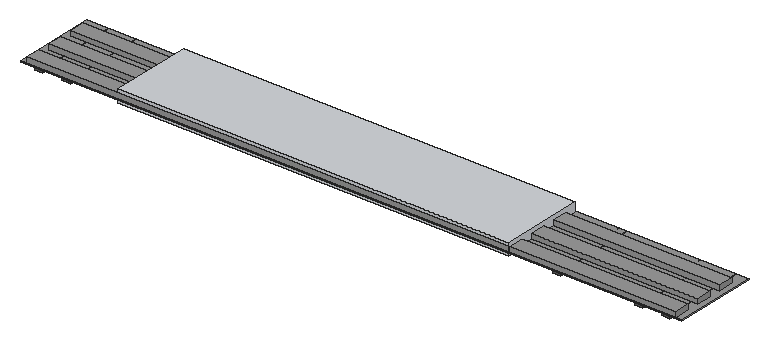
Revit family "2113-3, Solid", category Generic Models, host Face, Revit 2020
Family settings
  Host = Face
  Can host rebar = No
  Round Connector Dimension = Use Diameter
  Part Type = Normal
  Cut with Voids When Loaded = No
  Shared = No
  Room Calculation Point = No
Parameters
  min_value [instance] = 1' - 11 1/4"  # constant formula
  max_value [instance] = 11' - 11 1/4"  # constant formula
  actual_value [instance] = if(NET LENGTH < min_value, min_value, if(NET LENGTH > max_value, max_value, NET LENGTH))  # 7' - 11 1/4"
  SCRIM MATERIAL [instance] = SCRIM
  SCRIM [instance] = yes
  NET LENGTH [instance] = 7' - 11 1/4"
  Default Elevation = 4' - 0"
  BACKER MATERIAL [instance] = BLACK-BACKERS
  .. MEMBER WIDTH [instance] = 0' - 2 1/4"  # constant formula
  .. MEMBER MATERIAL [instance] = Solid Western Hemlock
  .. MEMBER LENGTH [instance] = actual_value  # 7' - 11 1/4"
  .. MEMBER DEPTH [instance] = 0' - 0 3/4"  # constant formula
  .. MEMBER COUNT [instance] = 3  # constant formula
  IMPORTANT NOTE!!!                                                                             *Backer layout is for visualization purposes only, final layout to be determined by 9Wood. [instance] = ""
Reference planes (in)
  plane 1 "Center (Front/Back)": y = 0
  plane 2: z = 1.82209
  plane 3 "Center (Left/Right)": x = 0
Forms (in)
  Extrusion 1, solid
    sketch origin (132, -33.80483, 0) x (1, 0, 0) y (0, 1, 0)
      loop
        line (-118.625, 33.80483) -> (-61.26146, 33.80483) -> (-61.26146, 45.86733) -> (-118.625, 45.86733) -> (-118.625, 33.80483)
    from 1.82209 to 0
Dimensions and locks (in)
  aligned and locked: Extrusion 1 to plane 2
  aligned and locked: plane 3 "Center (Left/Right)" to nested 1
Nested families (in)
  nested 1: "1100 SERIES CONFIG" at (0, 2, 0), .. MEMBER DEPTH <- ".. MEMBER DEPTH", .. MEMBER LENGTH <- ".. MEMBER LENGTH", .. MEMBER WIDTH <- ".. MEMBER WIDTH", .. MEMBER MATERIAL <- ".. MEMBER MATERIAL", BACKING M MATERIAL <- "BACKER MATERIAL", SCRIM  MATERIAL <- "SCRIM MATERIAL", .. MEMBER COUNT <- ".. MEMBER COUNT", SCRIM <- "SCRIM", type "1100 SERIES CONFIG"
    with X 7' - 8", SCRIM OVERHANG 2 0' - 0 3/32", SCRIM OVERHANG 0' - 0 7/8", SCRIM LENGTH 8' - 1", SCRIM  MATERIAL SCRIM, SCRIM yes, NOMINAL LENGTH 7, N 8, Inset 6' - 0 3/8", INSET 0' - 1", INDEX 0' - 5 5/8", HALF MEMBER WIDTH 0' - 1 1/8", HALF LENGTH 3' - 11 5/8", END BACKER yes, BACKING M WIDTH 0' - 1 1/4", BACKING M OC SPACING 1' - 0", BACKING M MATERIAL BLACK-BACKERS, BACKING M LENGTH 0' - 11 7/8", BACKING M DEPTH 0' - 0 1/2", BACKING M COUNT 8, 3/16" INSET 0' - 0 3/16", .. MEMBER WIDTH 0' - 2 1/4", .. MEMBER OC SPACING 0' - 4", .. MEMBER MATERIAL Solid Western Hemlock, .. MEMBER LENGTH 7' - 11 1/4", .. MEMBER DEPTH 0' - 0 3/4", .. MEMBER COUNT 3
Definition of nested family "1100 SERIES CONFIG"
  Parameters (values of type "1100 SERIES CONFIG")
    X [instance] = .. MEMBER LENGTH - 0' 3 1/4"  # 5' - 5"
    SCRIM OVERHANG 2 [instance] = 0' - 0 3/32"  # constant formula
    SCRIM OVERHANG [instance] = 0' - 0 7/8"  # constant formula
    SCRIM LENGTH [instance] = .. MEMBER LENGTH + (SCRIM OVERHANG * 2)  # 5' - 10"
    SCRIM  MATERIAL [instance] = none
    SCRIM [instance] = yes
    NOMINAL LENGTH [instance] = 7
    N [instance] = if((X - (rounddown(X / 1' 0") * 1' 0")) > 1' 0", rounddown(X / 1' 0") + 2, rounddown(X / 1' 0") + 1)  # 6
    Inset [instance] = 6' - 0 3/8"  # constant formula
    INSET [instance] = 0' - 1"  # constant formula
    END BACKER [instance] = INDEX > 0' 3 5/8"  # yes
    INDEX [instance] = (.. MEMBER LENGTH - ((N - 1) * 1' 0")) / 2  # 0' - 4 1/8"
    HALF MEMBER WIDTH [instance] = .. MEMBER WIDTH / 2  # 0' - 0 5/16"
    HALF LENGTH [instance] = .. MEMBER LENGTH / 2  # 2' - 10 1/8"
    Default Elevation = 0' - 0"
    BACKING M WIDTH [instance] = 0' - 1 1/4"
    BACKING M SPACING = 3' - 3"
    BACKING M MATERIAL [instance] = none
    BACKING M LENGTH [instance] = 0' - 11 7/8"
    BACKING M DEPTH [instance] = 0' - 0 1/2"
    BACKING M COUNT [instance] = N  # 6
    BACKING M OC SPACING [instance] = 1' - 0"  # constant formula
    3/16" INSET [instance] = 0' - 0 3/16"  # constant formula
    .. MEMBER WIDTH [instance] = 0' - 0 5/8"
    .. MEMBER OC SPACING [instance] = 1' 0" / .. MEMBER COUNT  # 0' - 4"
    .. MEMBER MATERIAL [instance] = none
    .. MEMBER LENGTH [instance] = 5' - 8 1/4"
    .. MEMBER DEPTH [instance] = 0' - 1 3/8"
    .. MEMBER COUNT [instance] = 3
  Reference planes (in)
    plane 1 "Center (Front/Back)": y = -2
    plane 2: z = 0
    plane 3 "Center (Left/Right)": x = 0
    plane 4: x = 1
    plane 5: x = 4.125
    plane 6: x = 34.125
    plane 7: x = 68.25
    plane 8: x = 67.25
    plane 9: x = 16.125
    plane 10: y = -1.8125
    plane 11: y = -1.6875
    plane 12: y = 2.3125
    plane 13: x = 69.125
    plane 14: x = -0.875
    plane 15: z = 0.5
    plane 16: z = 0.5625
    plane 17: y = 10.0625
    plane 18: y = 10.15625
    plane 19: y = -2.09375
  Dimensions and locks (in)
    "INSET": plane 3 "Center (Left/Right)" to plane 4
    "INDEX": plane 3 "Center (Left/Right)" to plane 5
    "HALF LENGTH": plane 3 "Center (Left/Right)" to plane 6
    ".. MEMBER LENGTH": plane 3 "Center (Left/Right)" to plane 7
    "INSET": plane 8 to plane 7
    equal spacing: group 2, group 3, group 6, group 7, group 8, group 9  (x3)
    "3/16" INSET": plane 1 "Center (Front/Back)" to plane 10
    ".. MEMBER OC SPACING": plane 12 to plane 11
    "SCRIM OVERHANG": plane 14 to plane 3 "Center (Left/Right)"
    "SCRIM OVERHANG": plane 7 to plane 13
    equal spacing: group 1, group 4, group 5  (x2)
    equal spacing: group 5, group 4, group 1
    "HALF MEMBER WIDTH": plane 1 "Center (Front/Back)" to plane 11
    "BACKING M OC SPACING": plane 5 to plane 9
    "SCRIM OVERHANG 2": plane 18 to plane 17
    "SCRIM OVERHANG 2": plane 19 to plane 1 "Center (Front/Back)"
    aligned and locked: level to plane 2
    aligned and locked: plane 6 to nested 1
    aligned and locked: nested 2 to plane 4
    aligned and locked: plane 5 to nested 3
    aligned and locked: plane 1 "Center (Front/Back)" to nested 1
    aligned and locked: nested 2 to plane 10
    aligned and locked: nested 3 to plane 10
    aligned and locked: nested 5 to plane 10
    aligned and locked: nested 4 to plane 10
    aligned and locked: nested 6 to plane 14
    aligned and locked: plane 12 to nested 7
    aligned and locked: nested 7 to plane 3 "Center (Left/Right)"
    aligned and locked: plane 9 to nested 5
    aligned and locked: plane 8 to nested 4
    aligned and locked: plane 15 to nested 2
    aligned and locked: nested 6 to plane 15
    aligned and locked: nested 1 to plane 16
    aligned and locked: nested 7 to plane 16
    aligned and locked: nested 6 to plane 19
  Nested families (in)
    nested 1: "INSTANCE - Parametric Cube" at (34.125, -1.6875, 1.9375), Length <- ".. MEMBER WIDTH", Height <- ".. MEMBER DEPTH", Width <- ".. MEMBER LENGTH", Material <- ".. MEMBER MATERIAL", type "INSTANCE - Parametric Cube"
      with Width 5' - 8 1/4", Material none, Length 0' - 0 5/8", Height 0' - 1 3/8"
    nested 2: "2ND INSTANCE - Parametric Cube" at (1.625, 4.125, 0), Height <- "BACKING M DEPTH", Length <- "BACKING M LENGTH", Width <- "BACKING M WIDTH", Material <- "BACKING M MATERIAL", visible <- "END BACKER", type "2ND INSTANCE - Parametric Cube"
      with Width 0' - 1 1/4", Material none, Length 0' - 11 7/8", Height 0' - 0 1/2"
    nested 3: "2ND INSTANCE - Parametric Cube" at (4.125, 4.125, 0), Length <- "BACKING M LENGTH", Height <- "BACKING M DEPTH", Width <- "BACKING M WIDTH", Material <- "BACKING M MATERIAL", type "2ND INSTANCE - Parametric Cube"
      with Width 0' - 1 1/4", Material none, Length 0' - 11 7/8", Height 0' - 0 1/2"
    nested 4: "2ND INSTANCE - Parametric Cube" at (66.625, 4.125, 0), Width <- "BACKING M WIDTH", Length <- "BACKING M LENGTH", Height <- "BACKING M DEPTH", Material <- "BACKING M MATERIAL", visible <- "END BACKER", type "2ND INSTANCE - Parametric Cube"
      with Width 0' - 1 1/4", Material none, Length 0' - 11 7/8", Height 0' - 0 1/2"
    nested 5: "2ND INSTANCE - Parametric Cube" at (16.125, 4.125, 0), Length <- "BACKING M LENGTH", Height <- "BACKING M DEPTH", Width <- "BACKING M WIDTH", Material <- "BACKING M MATERIAL", type "2ND INSTANCE - Parametric Cube"
      with Width 0' - 1 1/4", Material none, Length 0' - 11 7/8", Height 0' - 0 1/2"
    nested 6: "3RD INSTANCE - Parametric Cube" at (34.125, 4.0445, 0.5), Width <- "SCRIM LENGTH", Material <- "SCRIM  MATERIAL", visible <- "SCRIM", type "3RD INSTANCE - Parametric Cube"
      with Width 5' - 10", Material none, Length 1' - 0.27649", Height 0' - 0 1/16"
    nested 7: "INSTANCE - Parametric Cube" at (34.125, 2.3125, 1.9375), Length <- ".. MEMBER WIDTH", Height <- ".. MEMBER DEPTH", Width <- ".. MEMBER LENGTH", Material <- ".. MEMBER MATERIAL", type "INSTANCE - Parametric Cube"
      with Width 5' - 8 1/4", Material none, Length 0' - 0 5/8", Height 0' - 1 3/8"
    nested 8: "INSTANCE - Parametric Cube" at (34.125, 6.3125, 1.9375), Length <- ".. MEMBER WIDTH", Height <- ".. MEMBER DEPTH", Width <- ".. MEMBER LENGTH", Material <- ".. MEMBER MATERIAL", type "INSTANCE - Parametric Cube"
      with Width 5' - 8 1/4", Material none, Length 0' - 0 5/8", Height 0' - 1 3/8"
    nested 9: "2ND INSTANCE - Parametric Cube" at (28.125, 4.125, 0), Length <- "BACKING M LENGTH", Height <- "BACKING M DEPTH", Width <- "BACKING M WIDTH", Material <- "BACKING M MATERIAL", type "2ND INSTANCE - Parametric Cube"
      with Width 0' - 1 1/4", Material none, Length 0' - 11 7/8", Height 0' - 0 1/2"
    nested 10: "2ND INSTANCE - Parametric Cube" at (40.125, 4.125, 0), Length <- "BACKING M LENGTH", Height <- "BACKING M DEPTH", Width <- "BACKING M WIDTH", Material <- "BACKING M MATERIAL", type "2ND INSTANCE - Parametric Cube"
      with Width 0' - 1 1/4", Material none, Length 0' - 11 7/8", Height 0' - 0 1/2"
    nested 11: "2ND INSTANCE - Parametric Cube" at (52.125, 4.125, 0), Length <- "BACKING M LENGTH", Height <- "BACKING M DEPTH", Width <- "BACKING M WIDTH", Material <- "BACKING M MATERIAL", type "2ND INSTANCE - Parametric Cube"
      with Width 0' - 1 1/4", Material none, Length 0' - 11 7/8", Height 0' - 0 1/2"
    nested 12: "2ND INSTANCE - Parametric Cube" at (64.125, 4.125, 0), Length <- "BACKING M LENGTH", Height <- "BACKING M DEPTH", Width <- "BACKING M WIDTH", Material <- "BACKING M MATERIAL", type "2ND INSTANCE - Parametric Cube"
      with Width 0' - 1 1/4", Material none, Length 0' - 11 7/8", Height 0' - 0 1/2"
  Definition of nested family "INSTANCE - Parametric Cube"
    Parameters (values of type "INSTANCE - Parametric Cube")
      Width [instance] = 0' - 6"
      Material [instance] = none
      Length [instance] = 1' - 0"
      Height [instance] = 1' - 6"
      Default Elevation = 0' - 0"
    Reference planes (in)
      plane 1 "Center (Front/Back)": y = 0
      plane 2: z = 0
      plane 3 "Center (Left/Right)": x = 0
      plane 4: x = -3
      plane 5: x = 3
      plane 6: y = 6
      plane 7: y = -6
      plane 8: z = -18
    Forms (in)
      Extrusion 1, solid, material <- "Material"
        sketch origin (0, 0, 0) x (1, 0, 0) y (0, 1, 0)
          loop
            line (-3, 6) -> (-3, -6) -> (3, -6) -> (3, 6) -> (-3, 6)
        from -18 to 0
    Dimensions and locks (in)
      equal spacing: plane 4, plane 3 "Center (Left/Right)", plane 5
      equal spacing: plane 6, plane 1 "Center (Front/Back)", plane 7
      "Length": plane 6 to plane 7
      "Width": plane 4 to plane 5
      "Height": plane 8 to level
      aligned and locked: plane 2 to level
      aligned and locked: Extrusion 1 sketch curve to plane 6
      aligned and locked: plane 4 to Extrusion 1 sketch curve
      aligned and locked: plane 7 to Extrusion 1 sketch curve
      aligned and locked: Extrusion 1 sketch curve to plane 5
      aligned and locked: Extrusion 1 to plane 8
  Definition of nested family "2ND INSTANCE - Parametric Cube"
    Parameters (values of type "2ND INSTANCE - Parametric Cube")
      Width [instance] = 0' - 6"
      Material [instance] = none
      Length [instance] = 1' - 0"
      Height [instance] = 1' - 6"
      Default Elevation = 0' - 0"
    Reference planes (in)
      plane 1 "Center (Front/Back)": y = 0
      plane 2: z = 0
      plane 3 "Center (Left/Right)": x = 0
      plane 4: x = -3
      plane 5: x = 3
      plane 6: y = 6
      plane 7: y = -6
      plane 8: z = 18
    Forms (in)
      Extrusion 1, solid, material <- "Material"
        sketch origin (0, 0, 0) x (1, 0, 0) y (0, 1, 0)
          loop
            line (-3, 6) -> (-3, -6) -> (3, -6) -> (3, 6) -> (-3, 6)
        from 0 to 18
    Dimensions and locks (in)
      equal spacing: plane 4, plane 3 "Center (Left/Right)", plane 5
      equal spacing: plane 6, plane 1 "Center (Front/Back)", plane 7
      "Length": plane 6 to plane 7
      "Width": plane 4 to plane 5
      "Height": level to plane 8
      aligned and locked: plane 2 to level
      aligned and locked: Extrusion 1 sketch curve to plane 6
      aligned and locked: plane 4 to Extrusion 1 sketch curve
      aligned and locked: plane 7 to Extrusion 1 sketch curve
      aligned and locked: Extrusion 1 sketch curve to plane 5
      aligned and locked: plane 8 to Extrusion 1
      aligned and locked: Extrusion 1 to level
  Definition of nested family "3RD INSTANCE - Parametric Cube"
    Parameters (values of type "3RD INSTANCE - Parametric Cube")
      Width [instance] = 0' - 6"
      Material [instance] = none
      Length [instance] = 1' - 0"
      Height [instance] = 1' - 6"
      Default Elevation = 0' - 0"
    Reference planes (in)
      plane 1 "Center (Front/Back)": y = 0
      plane 2: z = 0
      plane 3 "Center (Left/Right)": x = 0
      plane 4: x = -3
      plane 5: x = 3
      plane 6: y = 6
      plane 7: y = -6
      plane 8: z = 18
    Forms (in)
      Extrusion 1, solid, material <- "Material"
        sketch origin (0, 0, 0) x (1, 0, 0) y (0, 1, 0)
          loop
            line (-3, 6) -> (-3, -6) -> (3, -6) -> (3, 6) -> (-3, 6)
        from 0 to 18
    Dimensions and locks (in)
      equal spacing: plane 4, plane 3 "Center (Left/Right)", plane 5
      equal spacing: plane 6, plane 1 "Center (Front/Back)", plane 7
      "Length": plane 6 to plane 7
      "Width": plane 4 to plane 5
      "Height": level to plane 8
      aligned and locked: plane 2 to level
      aligned and locked: Extrusion 1 sketch curve to plane 6
      aligned and locked: plane 4 to Extrusion 1 sketch curve
      aligned and locked: plane 7 to Extrusion 1 sketch curve
      aligned and locked: Extrusion 1 sketch curve to plane 5
      aligned and locked: plane 8 to Extrusion 1
      aligned and locked: Extrusion 1 to level
